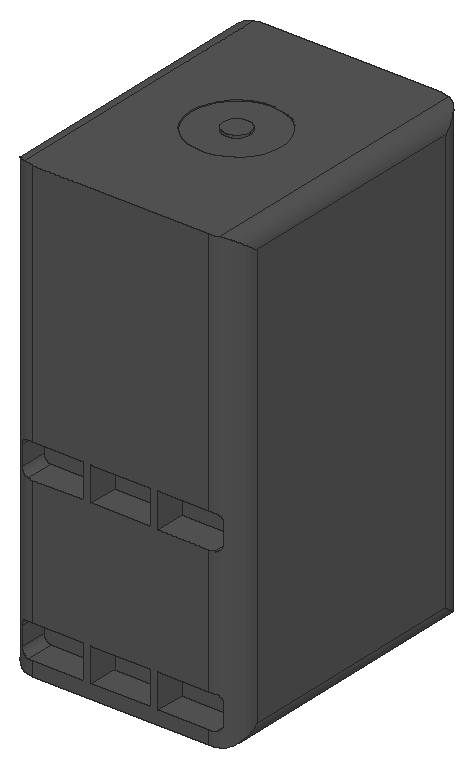
Revit family "Electronics_Desono_Biamp_Passive-Subwoofer_SUB2201", category Communication Devices, host Face, Revit 2020
Family settings
  Host = Face
  Maintain Annotation Orientation = No
  Round Connector Dimension = Use Diameter
  Part Type = Normal
  OmniClass Number = 23.85.10.11.14.14.14
  OmniClass Title = Loudspeakers
  Cut with Voids When Loaded = No
  Shared = No
  Room Calculation Point = No
Parameters (values of type "SUB2201")
  Width = 0' - 11.81102"  # constant formula
  Weight = 40.7855 lbf  # constant formula
  URL = "https://www.biamp.com/"
  Transducers = "LF 1 x 10 (254 mm) treated paper cone"  # constant formula
  Shipping Weight = 43.40 lbf  # constant formula
  Recommended Amplifers = "250W - 500W @ 4Ω (49V - 69V)"  # constant formula
  Product data url = "https://www.bimobject.com/biamp/product/sub2201_desono-subwoofer"
  Product Page URL = "https://www.biamp.com/products/product-families/desono/desono-subwoofers#sub2201"
  Product Documentation Link = "https://downloads.biamp.com/assets/docs/default-source/data-sheets/biamp_data_sheet_desono_sub2201_apr21.pdf"
  Operating Range (-3dB) = "45 Hz to 150 Hz"  # constant formula
  Operating Mode = "Passive"  # constant formula
  Operating Environment = "Indoor"  # constant formula
  Nominal Sensitivity @ 1m = "1W - 96dB; 2.83V - 96dB"  # constant formula
  Nominal Maximum SPL @ 1m = "Peak - 120dB; Continuous - 114dB"  # constant formula
  Nominal Beamwidth  (H x V) = "Omnidirectional"  # constant formula
  Model = "SUB2201"  # constant formula
  Manufacturer = "Biamp"  # constant formula
  Input Connection = "Speakon™ connector; (2x) 5-way binding posts"  # constant formula
  Housing Material = Biamp - Plastic - Black
  Height = 1' - 11.62205"  # constant formula
  Finish = "Refer to the Technical Drawings (page 2)"  # constant formula
  Description = "Desono™ SUB2201 Passive 10 Subwoofer"  # constant formula
  Depth = 1' - 2.96063"  # constant formula
  Default Elevation = 4' - 0"
  Continuous Power Handling Nominal Impedance = "49V;250W @ 4Ω (1000W peak)"  # constant formula
  Connector Description = "Speakon™ connector; 49V 250 W 4Ω (1000W peak)"  # constant formula
Reference planes (in)
  plane 1 "Center (Front/Back)": y = 0
  plane 2: z = 0
  plane 3 "Center (Left/Right)": x = 0
Forms (in)
  Extrusion 1, solid, material "Biamp - Plastic - Black" <- "Housing Material", detail levels coarse
    sketch origin (0, 0, 0) x (1, 0, 0) y (0, 1, 0)
      loop
        line (-5.90551, 7.48031) -> (-5.90551, -7.48031) -> (5.90551, -7.48031) -> (5.90551, 7.48031) -> (-5.90551, 7.48031)
    from 0 to 23.62205
  Extrusion 2, solid, material "Biamp - Plastic - Black" <- "Housing Material", detail levels medium+fine
    sketch origin (0, 0, 0) x (1, 0, 0) y (0, 1, 0)
      loop
        arc (-4.52756, 7.48031) -> (-5.50192, 7.07672) -> (-5.90551, 6.10236) r 1.37795
        line (-5.90551, 6.10236) -> (-5.90551, -6.10236)
        arc (-5.90551, -6.10236) -> (-5.50192, -7.07672) -> (-4.52756, -7.48031) r 1.37795
        line (-4.52756, -7.48031) -> (4.52756, -7.48031)
        arc (4.52756, -7.48031) -> (5.50192, -7.07672) -> (5.90551, -6.10236) r 1.37795
        line (5.90551, -6.10236) -> (5.90551, 6.10236)
        arc (5.90551, 6.10236) -> (5.50192, 7.07672) -> (4.52756, 7.48031) r 1.37795
        line (4.52756, 7.48031) -> (-4.52756, 7.48031)
    from 0 to 23.62205
  Extrusion 3, void
    sketch origin (0, 0, 0) x (1, 0, 0) y (0, 0, 1)
      loop
        arc (-5.90551, 22.76188) -> (-5.65357, 23.37011) -> (-5.04534, 23.62205) r 0.86017
        line (-5.04534, 23.62205) -> (-5.90551, 23.62205) -> (-5.90551, 22.76188)
      loop
        line (5.90551, 22.76188) -> (5.90551, 23.62205) -> (5.04534, 23.62205)
        arc (5.04534, 23.62205) -> (5.65357, 23.37011) -> (5.90551, 22.76188) r 0.86017
      loop
        line (-5.90551, 0.86017) -> (-5.90551, 0) -> (-5.04534, 0)
        arc (-5.04534, 0) -> (-5.65357, 0.25194) -> (-5.90551, 0.86017) r 0.86017
      loop
        arc (5.90551, 0.86017) -> (5.65357, 0.25194) -> (5.04534, 0) r 0.86017
        line (5.04534, 0) -> (5.90551, 0) -> (5.90551, 0.86017)
    from -7.48031 to 7.48031
  Extrusion 4, void
    sketch origin (0, 0, 0) x (1, 0, 0) y (0, 0, 1)
      loop
        arc (-4.80315, 2.48031) -> (-5.08154, 2.365) -> (-5.19685, 2.08661) r 0.3937
        line (-5.19685, 2.08661) -> (-5.19685, 1.10236)
        arc (-5.19685, 1.10236) -> (-5.08154, 0.82397) -> (-4.80315, 0.70866) r 0.3937
        line (-4.80315, 0.70866) -> (-1.92913, 0.70866) -> (-1.92913, 2.48031) -> (-4.80315, 2.48031)
      loop
        arc (4.80315, 0.70866) -> (5.08154, 0.82397) -> (5.19685, 1.10236) r 0.3937
        line (5.19685, 1.10236) -> (5.19685, 2.08661)
        arc (5.19685, 2.08661) -> (5.08154, 2.365) -> (4.80315, 2.48031) r 0.3937
        line (4.80315, 2.48031) -> (1.92913, 2.48031) -> (1.92913, 0.70866) -> (4.80315, 0.70866)
      loop
        line (-1.53543, 2.48031) -> (-1.53543, 0.70866) -> (1.53543, 0.70866) -> (1.53543, 2.48031) -> (-1.53543, 2.48031)
      loop
        arc (-4.80315, 10.82677) -> (-5.08154, 10.71146) -> (-5.19685, 10.43307) r 0.3937
        line (-5.19685, 10.43307) -> (-5.19685, 9.44882)
        arc (-5.19685, 9.44882) -> (-5.08154, 9.17043) -> (-4.80315, 9.05512) r 0.3937
        line (-4.80315, 9.05512) -> (-1.92913, 9.05512) -> (-1.92913, 10.82677) -> (-4.80315, 10.82677)
      loop
        arc (4.80315, 9.05512) -> (5.08154, 9.17043) -> (5.19685, 9.44882) r 0.3937
        line (5.19685, 9.44882) -> (5.19685, 10.43307)
        arc (5.19685, 10.43307) -> (5.08154, 10.71146) -> (4.80315, 10.82677) r 0.3937
        line (4.80315, 10.82677) -> (1.92913, 10.82677) -> (1.92913, 9.05512) -> (4.80315, 9.05512)
      loop
        line (-1.53543, 10.82677) -> (-1.53543, 9.05512) -> (1.53543, 9.05512) -> (1.53543, 10.82677) -> (-1.53543, 10.82677)
    from 5.83285 to 7.48031
  Extrusion 5, solid, material "Biamp - Plastic - Black(Grid)"
    sketch origin (0, 0, 0) x (1, 0, 0) y (0, 0, 1)
      loop
        arc (-5.19685, 9.44882) -> (-5.08154, 9.17043) -> (-4.80315, 9.05512) r 0.3937
        line (-4.80315, 9.05512) -> (-1.92913, 9.05512) -> (-1.92913, 10.82677) -> (-4.80315, 10.82677)
        arc (-4.80315, 10.82677) -> (-5.08154, 10.71146) -> (-5.19685, 10.43307) r 0.3937
        line (-5.19685, 10.43307) -> (-5.19685, 9.44882)
      loop
        line (-1.53543, 9.05512) -> (1.53543, 9.05512) -> (1.53543, 10.82677) -> (-1.53543, 10.82677) -> (-1.53543, 9.05512)
      loop
        line (1.92913, 9.05512) -> (4.80315, 9.05512)
        arc (4.80315, 9.05512) -> (5.08154, 9.17043) -> (5.19685, 9.44882) r 0.3937
        line (5.19685, 9.44882) -> (5.19685, 10.43307)
        arc (5.19685, 10.43307) -> (5.08154, 10.71146) -> (4.80315, 10.82677) r 0.3937
        line (4.80315, 10.82677) -> (1.92913, 10.82677) -> (1.92913, 9.05512)
      loop
        arc (-5.19685, 1.10236) -> (-5.08154, 0.82397) -> (-4.80315, 0.70866) r 0.3937
        line (-4.80315, 0.70866) -> (-1.92913, 0.70866) -> (-1.92913, 2.48031) -> (-4.80315, 2.48031)
        arc (-4.80315, 2.48031) -> (-5.08154, 2.365) -> (-5.19685, 2.08661) r 0.3937
        line (-5.19685, 2.08661) -> (-5.19685, 1.10236)
      loop
        line (-1.53543, 0.70866) -> (1.53543, 0.70866) -> (1.53543, 2.48031) -> (-1.53543, 2.48031) -> (-1.53543, 0.70866)
      loop
        line (1.92913, 0.70866) -> (4.80315, 0.70866)
        arc (4.80315, 0.70866) -> (5.08154, 0.82397) -> (5.19685, 1.10236) r 0.3937
        line (5.19685, 1.10236) -> (5.19685, 2.08661)
        arc (5.19685, 2.08661) -> (5.08154, 2.365) -> (4.80315, 2.48031) r 0.3937
        line (4.80315, 2.48031) -> (1.92913, 2.48031) -> (1.92913, 0.70866)
    from 5.83285 to 5.96961
  Extrusion 6, void
    sketch origin (0, 0, 0) x (1, 0, 0) y (0, 1, 0)
      loop
        circle (0, 0) r 2.3622
    from 23.58268 to 23.62205
  Extrusion 7, solid, material "Biamp - Plastic - Black" <- "Housing Material", detail levels medium+fine
    sketch origin (0, 0, 0) x (1, 0, 0) y (0, 1, 0)
      loop
        circle (0, 0) r 0.68898
    from 23.58268 to 23.70079
  Extrusion 8, void
    sketch origin (0, 0, 0) x (1, 0, 0) y (0, 0, 1)
      loop
        line (1.38092, 13.50238) -> (1.38092, 15.27404)
        arc (1.38092, 15.27404) -> (1.26561, 15.55243) -> (0.98722, 15.66774) r 0.3937
        line (0.98722, 15.66774) -> (-0.98722, 15.66774)
        arc (-0.98722, 15.66774) -> (-1.26561, 15.55243) -> (-1.38092, 15.27404) r 0.3937
        line (-1.38092, 15.27404) -> (-1.38092, 13.50238)
        arc (-1.38092, 13.50238) -> (-1.26561, 13.224) -> (-0.98722, 13.10868) r 0.3937
        line (-0.98722, 13.10868) -> (0.98722, 13.10868)
        arc (0.98722, 13.10868) -> (1.26561, 13.224) -> (1.38092, 13.50238) r 0.3937
    from -9.39512 to -6.81472
  Extrusion 9, void
    sketch origin (0, 9.39512, 0) x (-1, 0, 0) y (0, 0, 1)
      loop
        circle (0, 15.0538) r 0.3937
    from -2.60667 to -2.5804
  Extrusion 10, solid, material "Biamp - Plastic - Black" <- "Housing Material"
    sketch origin (1.38092, 0, 15.86459) x (0, 0, 1) y (0, 1, 0)
      loop
        line (-2.16535, 7.48031) -> (-2.39454, 6.81472) -> (-1.49976, 6.81472) -> (-2.16535, 7.48031)
    from 0 to 2.76184
  Extrusion 11, solid, material "Biamp - Plastic - Black"
    sketch origin (1.38092, 7.40626, 13.77329) x (0, -0.707107, 0.707107) y (1, 0, 0)
      loop
        circle (0.45743, -1.96358) r 0.30309
      loop
        circle (0.45743, -0.79826) r 0.30309
    from 0 to 0.23536
Cuts and joins
  Extrusion 3, Extrusion 4, Extrusion 6, Extrusion 8, Extrusion 9 cuts Extrusion 2
  Extrusion 4, Extrusion 8, Extrusion 9 cuts Extrusion 1
Lines and regions (in)
  Masking region 1
    outline origin (0, 0, 0) x (1, 0, 0) y (0, 1, 0)
      loop
        line (-5.90551, 7.48031) -> (-5.90551, -7.48031) -> (5.90551, -7.48031) -> (5.90551, 7.48031) -> (-5.90551, 7.48031)
  Masking region 2, detail levels medium+fine
    outline origin (0, 0, 0) x (1, 0, 0) y (0, 1, 0)
      loop
        circle (0, 0) r 2.3622
  Masking region 3, detail levels medium+fine
    outline origin (0, 0, 0) x (1, 0, 0) y (0, 1, 0)
      loop
        circle (0, 0) r 0.68898
Dimensions and locks (in)
  aligned and locked: plane 2 to host face
  aligned and locked: level to host face
Connectors (in)
  electrical at (0, 6.78845, 15.0538), driven by "Connector Description"
    settings: on cut or joined group of Extrusion 2, Extrusion 3, Extrusion 4, Extrusion 6, Extrusion 8, Extrusion 9, index 1, voltage 0 V, apparent load 0 VA, apparent load phase1 0 VA, apparent load phase2 0 VA, apparent load phase3 0 VA, power factor 1, load classification "Other", number of poles 1, system type 5, power factor state 1, is connector primary yes, connector utility no, sub classification motor no, connector description "Speakon™ connector; 49V 250 W 4Ω (1000W peak)"
  electrical at (0.58266, 7.24923, 14.26316)
    settings: on Extrusion 11, index 2, voltage 0 V, apparent load 0 VA, apparent load phase1 0 VA, apparent load phase2 0 VA, apparent load phase3 0 VA, power factor 1, load classification "Other", number of poles 1, system type 5, power factor state 1, is connector primary no, connector utility no, sub classification motor no, connector description "5-way blinding posts; 49V 250 W 4Ω (1000W peak)"
  electrical at (-0.58266, 7.24923, 14.26316)
    settings: on Extrusion 11, index 3, voltage 0 V, apparent load 0 VA, apparent load phase1 0 VA, apparent load phase2 0 VA, apparent load phase3 0 VA, power factor 1, load classification "Other", number of poles 1, system type 5, power factor state 1, is connector primary no, connector utility no, sub classification motor no, connector description "5-way blinding posts; 49V 250 W 4Ω (1000W peak)"
